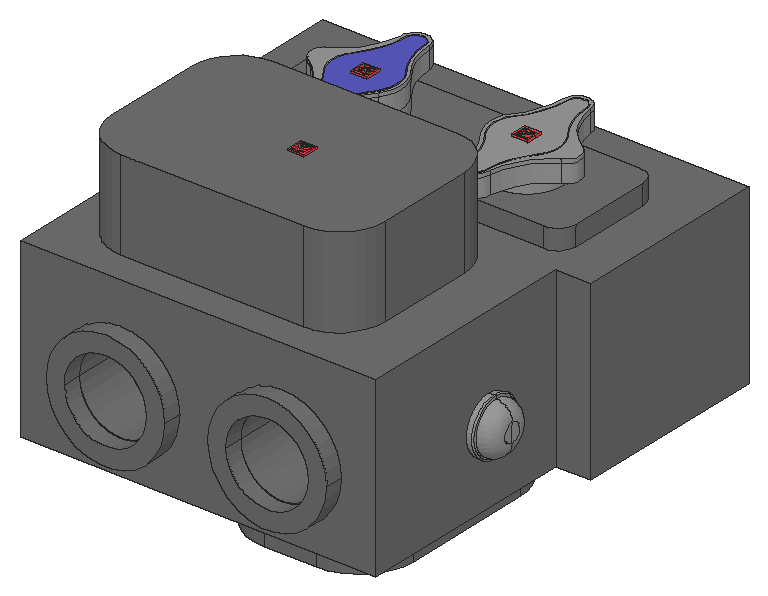
Revit family "HerzCon-узел прямого подключения для фанкойлов 90мм", category Rohrzubehör, Revit 2021
Family settings
  Bemaßung runder Anschluss = Durchmesser verwenden
  Teiletyp = Unterbricht
  OmniClass-Nummer = 23.65.55.14
  OmniClass-Titel = Valves for Liquid Services
  Arbeitsebenenbasiert = Nein
  Immer vertikal = Ja
  Beim Laden mit Abzugskörper schneiden = Nein
  Gemeinsam genutzt = Nein
Parameters (values of type "DN25")
  Среда = "Вода для системы отопления подготавливается в соответствии с ÖNORM H5195 или VDI 2035.\r\nВозможно использование этилена или пропиленгликоля в концентрации 25-50% объема."
  Применение = "HerzCON был разработан для простого подключения фанкойлов или AHU.\r\nHerzCON - это устройство, состоящее из независимого от давления комби-клапана - регулятора расхода (4006), HERZ фильтра-грязевика, HERZ крана для слива (2512) и двух HERZ мультифункциональных шаровых кранов.\r\nВключение, выключение и модульное управление возможно производить через приводы 0 - 10 В.\r\nПриводы могут быть интегрированы в BMS при необходимости.\r\nУстройство обеспечивает независимое от давления управление и в то же время гарантирует постоянный расход для конечного потребителя, максимизируя энергоэффективность системы.\r\nУстройство HerzCON также позволяет производить промывку и запирание.\r\nHerzCON предназначен для работы как в системах холодоснабжения, так и теплоснабжения.\r\nКран для слива, установленный на сетчатом фильтре, позволяет производить промывку устройства без необходимости извлечения сетчатого фильтра, а также позволяет очищать сетчатый фильтр в самом устройстве."
  Номер заказа теплоизолирующего кожуха [instance] = 1470098  # constant formula
  Номер заказа [instance] = 1460058  # constant formula
  Мин. рабочая температура = -20 °C  # constant formula
  Макс. рабочее давление = 2500000.0 Pa  # constant formula
  Макс. рабочая температура = 130 °C  # constant formula
  Макс. дифференциальное давление = 400000.0 Pa  # constant formula
  Корпус = "латунь, устойчивая к селективной цинковой коррозии"  # constant formula
  kvs-Wert (обычная работа) = "2.75"  # constant formula
  kvs-Wert (работа байпаса) = "10.00"  # constant formula
  Vorgabe-Ansicht = 0.00 mm
  URL = "www.herz-armaturen.ru"
  SCRNSEQ = "ARM;TYP_ARM=\"DURR\";02"
  SCRNCODE = "05;04;04"  # constant formula
  Nennweite SF [instance] = 32.00 mm  # constant formula
  Nennweite Kombi [instance] = 32.00 mm  # constant formula
  Nennweite KH [instance] = 25.00 mm  # constant formula
  Мембрана и уплотнительное кольцо O-Ring = "EPDM"  # constant formula
  L11 = 14.00 mm  # constant formula
  L10 = 25.00 mm  # constant formula
  L09 = 16.00 mm  # constant formula
  L08 = 14.75 mm  # constant formula
  L07 = 12.50 mm  # constant formula
  L06 = 20.50 mm  # constant formula
  L04 = 45.00 mm  # constant formula
  L03 = 18.00 mm  # constant formula
  L02 = 4.80 mm  # constant formula
  L01 = 19.85 mm  # constant formula
  L00 [instance] = 189.70 mm  # constant formula
  L05 = 22.00 mm  # constant formula
  Теплоизолирующий бокс = "EPP, вспененный полипропилен, паронепроницаемый, антидиффузионный, черного цвета"  # constant formula
  Ход = "4 мм"  # constant formula
  Hersteller = "HERZ Armaturen Ges.m.b.H."  # constant formula
  H02 = D02 + 1.00 mm  # 28.00 mm
  H01 = 39.50 mm  # constant formula
  Изоляция [instance] = yes
  D11 = 20.00 mm  # constant formula
  D10 = 13.00 mm  # constant formula
  D09 = 18.90 mm  # constant formula
  D08 = 19.10 mm  # constant formula
  D07 = 14.85 mm  # constant formula
  D06 = 32.60 mm  # constant formula
  D05 = 33.80 mm  # constant formula
  D04 = 15.50 mm  # constant formula
  D03 = 21.25 mm  # constant formula
  D02 = 27.00 mm  # constant formula
  D01 = 15.00 mm  # constant formula
Reference planes
  plane 1 "Mitte (Vorne/hinten)": y = 0
  plane 2: z = 0
  plane 3 "Mitte (Links/rechts)": x = 0
Forms (mm)
  Revolve 1, solid, material "Messing, weicher Gelbton, geschweißt", detail levels fine
    sketch origin (-0.315, -1.436, 0) x (1, 0, 0) y (0, 1, 0)
      loop
        line (-94.535, 1.436) -> (95.165, 1.436) -> (95.165, 16.436) -> (75.315, 16.436) -> (75.315, 28.436) -> (23.115, 28.436) -> (23.115, 22.686) -> (18.315, 22.686) -> (18.315, 16.936) -> (-17.685, 16.936) -> (-17.685, 22.686) -> (-22.485, 22.686) -> (-22.485, 28.436) -> (-74.685, 28.436) -> (-74.685, 16.436) -> (-94.535, 16.436) -> (-94.535, 1.436)
      axis (95.165, 1.436) -> (-94.535, 1.436)
    angle from 0 to 360
  Revolve 2, solid, material "Messing, weicher Gelbton, geschweißt", detail levels fine
    sketch origin (0, 0, 0) x (1, 0, 0) y (0, 1, 0)
      loop
        line (-45, 28.35) -> (-57.5, 28.35) -> (-57.5, 47.45) -> (-65.5, 47.45) -> (-65.5, 32.6) -> (-67, 32.6) -> (-67, -33.8) -> (-59.75, -33.8) -> (-59.75, -45.7) -> (-70, -45.7) -> (-70, -65.7) -> (-61, -65.7) -> (-61, -52.7) -> (-45, -52.7) -> (-45, 28.35)
      axis (-45, 47.45) -> (-45, -65.7)
    angle from 0 to 360
  Revolve 3, solid, material "Messing, weicher Gelbton, geschweißt", detail levels fine
    sketch origin (0, 0, 0) x (-1, 0, 0) y (0, 1, 0)
      loop
        line (-45, 28.35) -> (-57.5, 28.35) -> (-57.5, 47.45) -> (-65.5, 47.45) -> (-65.5, 32.6) -> (-67, 32.6) -> (-67, -33.8) -> (-59.75, -33.8) -> (-59.75, -45.7) -> (-70, -45.7) -> (-70, -65.7) -> (-61, -65.7) -> (-61, -52.7) -> (-45, -52.7) -> (-45, 28.35)
      axis (-45, 47.45) -> (-45, -65.7)
    angle from 0 to 360
  Revolve 4, solid, material "Messing, weicher Gelbton, geschweißt", detail levels fine
    sketch origin (0, 0, 0) x (1, 0, 0) y (0, 0, 1)
      loop
        line (-45, 0) -> (-45, 39.5) -> (-59, 39.5) -> (-59, 0) -> (-45, 0)
      axis (-45, 0) -> (-45, 39.5)
    angle from 0 to 360
  Revolve 5, solid, material "Messing, weicher Gelbton, geschweißt", detail levels fine
    sketch origin (0, 0, 0) x (-1, 0, 0) y (0, 0, 1)
      loop
        line (-45, 0) -> (-45, 39.5) -> (-59, 39.5) -> (-59, 0) -> (-45, 0)
      axis (-45, 0) -> (-45, 39.5)
    angle from 0 to 360
  Revolve 6, solid, material "Messing, weicher Gelbton, geschweißt", detail levels fine
    sketch origin (0, 33.127, 0) x (1, 0, 0) y (0, 1, 0)
      loop
        line (45, -87.677) -> (29, -87.677) -> (29, -96.677) -> (30, -96.677) -> (30, -154.677) -> (29, -154.677) -> (29, -163.677) -> (45, -163.677) -> (45, -87.677)
      axis (45, -87.677) -> (45, -163.677)
    angle from 0 to 360
  Revolve 7, solid, material "Messing, weicher Gelbton, geschweißt", detail levels fine
    sketch origin (0, 0, 0) x (1, 0, 0) y (0, 1, 0)
      loop
        line (25, -92.55) -> (25, -107.55) -> (45, -107.55) -> (60, -111.55) -> (68, -111.55) -> (68, -107.55) -> (78, -107.55) -> (78, -105.55) -> (91, -105.55) -> (91, -106.55) -> (100, -106.55) -> (100, -92.55) -> (25, -92.55)
      axis (25, -92.55) -> (100, -92.55)
    angle from 0 to 360
  Revolve 8, solid, material "Messing, weicher Gelbton, geschweißt", detail levels fine
    sketch origin (0, 0, 0) x (1, 0, 0) y (0, 1, 0)
      loop
        line (25, -92.55) -> (11, -92.55) -> (11, -103.55) -> (15, -103.55) -> (15, -109.55) -> (25, -109.55) -> (25, -92.55)
      axis (11, -92.55) -> (25, -92.55)
    angle from 0 to 360
  Extrusion 9, solid, material "Messing, weicher Gelbton, geschweißt", detail levels fine
    sketch origin (0, 0, 0) x (0, 1, 0) y (0, 0, 1)
      loop
        line (-87.8, 46) -> (-97.3, 46) -> (-130.012, 27.114) -> (-134.762, 18.886) -> (-134.762, -18.886) -> (-130.012, -27.114) -> (-97.3, -46) -> (-87.8, -46) -> (-55.088, -27.114) -> (-50.338, -18.886) -> (-50.338, 18.886) -> (-55.088, 27.114) -> (-87.8, 46)
    from 11 to -10.6
  Revolve 10, solid, material "Messing, weicher Gelbton, geschweißt", detail levels fine
    sketch origin (0, 0, 0) x (1, 0, 0) y (0, 1, 0)
      loop
        line (-10.6, -92.55) -> (-10.6, -62.694) -> (-14.1, -75.05) -> (-14.1, -92.55) -> (-10.6, -92.55)
      axis (-14.1, -92.55) -> (-10.6, -92.55)
    angle from 0 to 360
  Extrusion 11, solid, material "Messing, weicher Gelbton, geschweißt", detail levels fine
    sketch origin (0, 0, 0) x (1, 0, 0) y (0, 0, 1)
      loop
        line (11, 8) -> (-6.1, 8)
        arc (-6.1, 8) -> (-14.1, 0) -> (-6.1, -8) r 8
        line (-6.1, -8) -> (11, -8) -> (11, 8)
    from 49.053 to 92.55
  Revolve 12, solid, material "Messing, weicher Gelbton, geschweißt", detail levels fine
    sketch origin (0, 0, 0) x (1, 0, 0) y (0, 1, 0)
      loop
        line (-13.1, -49.053) -> (-6.1, -49.053) -> (-6.1, -33.053) -> (-13.1, -33.053) -> (-13.1, -44.053) -> (-10.1, -44.053) -> (-10.1, -46.053) -> (-13.1, -46.053) -> (-13.1, -49.053)
      axis (-6.1, -33.053) -> (-6.1, -49.053)
    angle from 0 to 360
  Revolve 13, solid, material "Messing, weicher Gelbton, geschweißt", detail levels fine
    sketch origin (45, 0, 0) x (0, 1, 0) y (0, 0, 1)
      loop
        line (-107.55, 29) -> (-116.55, 29) -> (-116.55, 0) -> (-115.35, 0) -> (-115.35, -27) -> (-114.55, -27) -> (-114.55, -30) -> (-111.55, -30) -> (-111.55, -32) -> (-114.55, -32) -> (-114.55, -43) -> (-107.55, -43) -> (-107.55, 29)
      axis (-107.55, 29) -> (-107.55, -43)
    angle from 0 to 360
  Revolve 14, solid, material "Messing, weicher Gelbton, geschweißt", detail levels fine
    sketch origin (45, 0, 0) x (0, 1, 0) y (0, 0, 1)
      loop
        line (-68.55, 29) -> (-77.55, 29) -> (-77.55, 0) -> (-68.55, 0) -> (-68.55, 29)
      axis (-77.55, 29) -> (-77.55, 0)
    angle from 0 to 360
  Revolve 15, solid, material "Messing, weicher Gelbton, geschweißt", detail levels fine
    sketch origin (5.25, 97.957, 0) x (1, 0, 0) y (0, 1, 0)
      loop
        line (-50.25, -152.507) -> (-66.25, -152.507) -> (-66.25, -167.507) -> (-67.75, -167.507) -> (-67.75, -230.907) -> (-66.25, -230.907) -> (-66.25, -242.507) -> (-50.25, -242.507) -> (-50.25, -152.507)
      axis (-50.25, -152.507) -> (-50.25, -242.507)
    angle from 0 to 360
  Revolve 16, solid, material "Messing, weicher Gelbton, geschweißt", detail levels fine
    sketch origin (-45, -230.478, 0) x (0, 1, 0) y (0, 0, 1)
      loop
        arc (130.928, -23.913) -> (141.764, -20.377) -> (148.428, -11.13) r 18.37
        line (148.428, -11.13) -> (148.428, 3) -> (149.428, 4.812) -> (149.428, 32.5) -> (149.428, 34.5) -> (148.428, 34.5) -> (148.428, 36) -> (144.428, 36) -> (144.428, 49) -> (142.55, 50.084)
        arc (142.55, 50.084) -> (140.382, 52.622) -> (140.295, 55.959) r 5
        line (140.295, 55.959) -> (141.933, 61) -> (141.933, 76) -> (144.133, 76) -> (144.133, 77.5) -> (145.912, 77.5) -> (145.912, 84) -> (144.912, 86.5) -> (133.412, 86.5) -> (133.412, 89.5) -> (134.912, 89.5) -> (134.912, 91.5) -> (130.928, 91.5) -> (130.928, -23.913)
      axis (130.928, 91.5) -> (130.928, -23.913)
    angle from 0 to 360
  Extrusion 17, solid, material "Messing, weicher Gelbton, geschweißt", detail levels fine
    sketch origin (-1, -230.478, 0) x (0, 1, 0) y (0, 0, 1)
      loop
        circle (130.928, 65) r 5.5
    from -44 to -27
  Extrusion 18, solid, material "Kunststoff-Anthrazit/Schwarz", visible <- "Изоляция", detail levels fine
    sketch origin (-452.346, 0, 0) x (1, 0, 0) y (0, 1, 0)
      loop
        line (332.346, 64.5) -> (332.346, -45.5) -> (351.746, -45.5) -> (351.746, -170.5) -> (549.946, -170.5) -> (549.946, -45.5) -> (569.346, -45.5) -> (569.346, 64.5) -> (332.346, 64.5)
    from -42 to 56
  Extrusion 19, void
    sketch origin (0, 0, 0) x (0, 1, 0) y (0, 0, 1)
      loop
        circle (-92.55, 0) r 15
    from 117 to 32.451
  Extrusion 20, void
    sketch origin (0, 0, 0) x (1, 0, 0) y (0, 0, 1)
      loop
        circle (-45, 0) r 23
      loop
        circle (45, 0) r 23
    from 184.5 to -80
  Extrusion 21, solid, material "Kunststoff-Anthrazit/Schwarz", visible <- "Изоляция", detail levels fine
    sketch origin (0, 0, 0) x (1, 0, 0) y (0, 0, 1)
      loop
        circle (-45, 0) r 33
      loop
        circle (45, 0) r 33
    from 180.5 to 170.5
  Extrusion 22, solid, material "Kunststoff-Anthrazit/Schwarz", visible <- "Изоляция", detail levels fine
    sketch origin (0, 0, 0) x (1, 0, 0) y (0, 0, 1)
      loop
        circle (-45, 0) r 33
      loop
        circle (45, 0) r 33
    from -64.5 to -74.5
  Extrusion 23, solid, material "Kunststoff-Anthrazit/Schwarz", visible <- "Изоляция", detail levels fine
    sketch origin (0, 0, 0) x (1, 0, 0) y (0, 1, 0)
      loop
        line (43.2, -46.9) -> (-58.4, -46.9)
        arc (-58.4, -46.9) -> (-76.078, -54.222) -> (-83.4, -71.9) r 25
        line (-83.4, -71.9) -> (-83.4, -128)
        arc (-83.4, -128) -> (-76.078, -145.678) -> (-58.4, -153) r 25
        line (-58.4, -153) -> (43.2, -153)
        arc (43.2, -153) -> (60.878, -145.678) -> (68.2, -128) r 25
        line (68.2, -128) -> (68.2, -71.9)
        arc (68.2, -71.9) -> (60.878, -54.222) -> (43.2, -46.9) r 25
    from 56 to 106
  Extrusion 24, solid, material "Kunststoff-Anthrazit/Schwarz", visible <- "Изоляция", detail levels fine
    sketch origin (0, 0, 0) x (1, 0, 0) y (0, 1, 0)
      loop
        arc (81.5, -33.43) -> (88.571, -30.501) -> (91.5, -23.43) r 10
        line (91.5, -23.43) -> (91.5, 22.8)
        arc (91.5, 22.8) -> (88.571, 29.871) -> (81.5, 32.8) r 10
        line (81.5, 32.8) -> (-81.5, 32.8)
        arc (-81.5, 32.8) -> (-88.571, 29.871) -> (-91.5, 22.8) r 10
        line (-91.5, 22.8) -> (-91.5, -23.43)
        arc (-91.5, -23.43) -> (-88.571, -30.501) -> (-81.5, -33.43) r 10
        line (-81.5, -33.43) -> (81.5, -33.43)
    from 56 to 67
  Extrusion 25, solid, material "Kunststoff-Anthrazit/Schwarz", visible <- "Изоляция", detail levels fine
    sketch origin (0, 0, 0) x (1, 0, 0) y (0, 1, 0)
      loop
        arc (5.4, 1.85) -> (-15.813, -6.937) -> (-24.6, -28.15) r 30
        line (-24.6, -28.15) -> (-24.6, -102.9)
        arc (-24.6, -102.9) -> (-15.813, -124.113) -> (5.4, -132.9) r 30
        line (5.4, -132.9) -> (34.4, -132.9)
        arc (34.4, -132.9) -> (55.613, -124.113) -> (64.4, -102.9) r 30
        line (64.4, -102.9) -> (64.4, -28.15)
        arc (64.4, -28.15) -> (55.613, -6.937) -> (34.4, 1.85) r 30
        line (34.4, 1.85) -> (5.4, 1.85)
    from -42 to -76
Cuts and joins
  Extrusion 19, Extrusion 20 cuts Extrusion 18
  Extrusion 20 cuts Extrusion 21
  Extrusion 20 cuts Extrusion 22
Dimensions and locks
  "D04": Revolve 1 sketch curve to Revolve 1 sketch curve
  "D03": Revolve 1 sketch curve to Revolve 1 sketch curve  (x2)
  "D01": Revolve 1 sketch curve to Revolve 1 sketch curve  (x2)
  "D02": Revolve 1 sketch curve to Revolve 1 sketch curve  (x2)
  "L00": Revolve 1 sketch curve to Revolve 1 sketch curve
  "L01": Revolve 1 sketch curve to Revolve 1 sketch curve  (x2)
  "L02": Revolve 1 sketch curve to Revolve 1 sketch curve  (x2)
  equal spacing: Revolve 1 sketch curve, plane 3 "Mitte (Links/rechts)", Revolve 1 sketch curve
  "L03": Revolve 1 sketch curve to plane 3 "Mitte (Links/rechts)" to Revolve 1 sketch curve
  "L04": Revolve 2 sketch curve to plane 3 "Mitte (Links/rechts)"  (x2)
  "L05": Revolve 2 sketch curve to Revolve 2 sketch curve
  "D05": Revolve 2 sketch curve to plane 1 "Mitte (Vorne/hinten)"
  "D06": plane 1 "Mitte (Vorne/hinten)" to Revolve 2 sketch curve
  "L06": Revolve 2 sketch curve to Revolve 2 sketch curve
  "D07": Revolve 2 sketch curve to Revolve 2 sketch curve
  "D08": Revolve 2 sketch curve to Revolve 2 sketch curve
  "L07": Revolve 2 sketch curve to Revolve 2 sketch curve
  "L08": Revolve 2 sketch curve to Revolve 2 sketch curve
  "D09": Revolve 2 sketch curve to Revolve 2 sketch curve
  "D10": Revolve 2 sketch curve to Revolve 2 sketch curve
  "D11": Revolve 2 sketch curve to Revolve 2 sketch curve
  "L09": Revolve 2 sketch curve to Revolve 2 sketch curve
  "L10": Revolve 2 sketch curve to Revolve 2 sketch curve
  "L05": Revolve 3 sketch curve to Revolve 3 sketch curve
  "L06": Revolve 3 sketch curve to Revolve 3 sketch curve
  "D07": Revolve 3 sketch curve to Revolve 3 sketch curve
  "D08": Revolve 3 sketch curve to Revolve 3 sketch curve
  "L07": Revolve 3 sketch curve to Revolve 3 sketch curve
  "L08": Revolve 3 sketch curve to Revolve 3 sketch curve
  "D09": Revolve 3 sketch curve to Revolve 3 sketch curve
  "D10": Revolve 3 sketch curve to Revolve 3 sketch curve
  "D11": Revolve 3 sketch curve to Revolve 3 sketch curve
  "L09": Revolve 3 sketch curve to Revolve 3 sketch curve
  "L10": Revolve 3 sketch curve to Revolve 3 sketch curve
  "L04": plane 3 "Mitte (Links/rechts)" to Revolve 3 sketch curve  (x2)
  "D05": Revolve 3 sketch curve to plane 1 "Mitte (Vorne/hinten)"
  "D06": plane 1 "Mitte (Vorne/hinten)" to Revolve 3 sketch curve
  "H01": Revolve 4 sketch curve to plane 2
  "L04": plane 3 "Mitte (Links/rechts)" to Revolve 4 sketch curve  (x2)
  "L11": Revolve 4 sketch curve to Revolve 4 sketch curve
  "L11": Revolve 5 sketch curve to Revolve 5 sketch curve
  "L04": Revolve 5 sketch curve to plane 3 "Mitte (Links/rechts)"  (x2)
  "H01": Revolve 5 sketch curve to plane 2
  "L04": nested 3 to plane 3 "Mitte (Links/rechts)"
  "L04": plane 3 "Mitte (Links/rechts)" to nested 4
  "H02": nested 3 to plane 2
  "H02": nested 4 to plane 2
  "L04": plane 3 "Mitte (Links/rechts)" to Revolve 6 sketch curve  (x2)
  Revolve 6 sketch curve to Revolve 6 sketch curve = 16.00 mm  (x2)
  Revolve 6 sketch curve to Revolve 6 sketch curve = 15.00 mm
  Revolve 6 sketch curve to Revolve 6 sketch curve = 76.00 mm
  Revolve 6 sketch curve to Revolve 6 sketch curve = 9.00 mm  (x2)
  equal spacing: Revolve 6, Revolve 7 sketch curve, Revolve 6  (x2)
  Revolve 7 sketch curve to Revolve 7 sketch curve = 75.00 mm
  Revolve 7 sketch curve to Revolve 7 sketch curve = 9.00 mm
  Revolve 7 sketch curve to Revolve 7 sketch curve = 13.00 mm  (x2)
  Revolve 7 sketch curve to Revolve 7 sketch curve = 10.00 mm
  "L04": plane 3 "Mitte (Links/rechts)" to Revolve 7 sketch curve
  Revolve 7 sketch curve to Revolve 7 sketch curve = 14.00 mm
  Revolve 7 sketch curve to Revolve 7 sketch curve = 15.00 mm  (x2)
  Revolve 7 sketch curve to Revolve 7 sketch curve = 20.00 mm
  Revolve 7 sketch curve to Revolve 7 sketch curve = 35.00 mm
  Revolve 8 sketch curve to Revolve 7 = 20.00 mm
  equal spacing: Revolve 6, Revolve 8 sketch curve, Revolve 6  (x2)
  Revolve 8 sketch curve to Revolve 8 sketch curve = 17.00 mm
  Revolve 8 sketch curve to Revolve 8 sketch curve = 11.00 mm
  Revolve 8 sketch curve to Revolve 8 sketch curve = 14.00 mm
  Revolve 8 sketch curve to Revolve 8 sketch curve = 10.00 mm
  Revolve 6 to Extrusion 9 sketch curve = 4.212 mm
  Extrusion 9 sketch curve to Revolve 6 = 4.212 mm
  Extrusion 9 sketch curve to Extrusion 9 sketch curve = 84.424 mm
  equal spacing: Extrusion 9 sketch curve, level, Extrusion 9 sketch curve
  Extrusion 9 to Revolve 7 = 34.00 mm
  equal spacing: Revolve 6, Revolve 10 sketch curve, Revolve 6  (x2)
  Revolve 10 sketch curve to Revolve 10 sketch curve = 17.50 mm
  Revolve 10 sketch curve to Revolve 10 sketch curve = 29.856 mm
  Revolve 10 sketch curve to Extrusion 9 = 3.50 mm
  equal spacing: Revolve 6, nested 5, Revolve 6
  Revolve 7 to nested 5 = 46.00 mm
  Extrusion 9 to Revolve 10 = 25.10 mm
  Revolve 12 sketch curve to Revolve 12 sketch curve = 7.00 mm  (x2)
  Revolve 12 sketch curve to Revolve 12 sketch curve = 4.00 mm
  Revolve 12 sketch curve to Revolve 12 sketch curve = 3.00 mm
  Revolve 12 sketch curve to Revolve 12 sketch curve = 2.00 mm
  Revolve 12 sketch curve to Revolve 12 sketch curve = 11.00 mm
  Revolve 10 to Revolve 12 sketch curve = 1.00 mm
  Revolve 10 to Revolve 12 sketch curve = 8.00 mm
  Extrusion 11 to Revolve 12 sketch curve = 43.497 mm
  equal spacing: Revolve 6, Extrusion 11, Revolve 6
  Extrusion 11 to Extrusion 11 = 43.497 mm
  Revolve 3 to Revolve 6 = 178.00 mm
  Revolve 13 sketch curve to Revolve 13 sketch curve = 7.80 mm
  Revolve 13 sketch curve to Revolve 13 sketch curve = 9.00 mm
  Revolve 13 sketch curve to Revolve 13 sketch curve = 7.00 mm  (x2)
  Revolve 13 sketch curve to Revolve 13 sketch curve = 4.00 mm
  Revolve 13 sketch curve to Revolve 13 sketch curve = 3.00 mm
  Revolve 13 sketch curve to Revolve 13 sketch curve = 2.00 mm
  Revolve 13 sketch curve to Revolve 13 sketch curve = 11.00 mm
  "L04": plane 3 "Mitte (Links/rechts)" to Revolve 13
  Revolve 14 sketch curve to Revolve 14 sketch curve = 9.00 mm
  "L04": plane 3 "Mitte (Links/rechts)" to Revolve 14
  nested 7 to plane 2 = 29.00 mm
  nested 6 to plane 2 = 29.00 mm
  Revolve 15 sketch curve to Revolve 15 sketch curve = 11.60 mm
  Revolve 15 sketch curve to Revolve 15 sketch curve = 15.00 mm
  Revolve 15 sketch curve to Revolve 15 sketch curve = 90.00 mm
  Revolve 15 sketch curve to Revolve 15 sketch curve = 16.00 mm  (x2)
  Revolve 15 sketch curve to Revolve 15 sketch curve = 17.50 mm
  Revolve 15 to Revolve 16 sketch curve = 45.00 mm  (x2)
  Revolve 15 to Extrusion 17 sketch curve = 45.00 mm
  nested 8 to Revolve 15 = 45.00 mm
  plane 2 to Revolve 16 sketch curve = 23.913 mm
  Revolve 16 sketch curve to plane 2 = 34.50 mm
  Revolve 16 sketch curve to Revolve 16 sketch curve = 17.50 mm  (x2)
  Revolve 16 sketch curve to plane 2 = 4.812 mm
  Revolve 16 sketch curve to Revolve 16 sketch curve = 18.50 mm
  Revolve 16 sketch curve to Revolve 16 sketch curve = 1.50 mm
  Revolve 16 sketch curve to Revolve 16 sketch curve = 13.50 mm
  Revolve 16 sketch curve to Revolve 16 sketch curve = 13.00 mm
  "L04": Revolve 16 to plane 3 "Mitte (Links/rechts)"
  "L04": Revolve 15 sketch curve to plane 3 "Mitte (Links/rechts)"  (x2)
  Extrusion 17 to Extrusion 17 = 17.00 mm
  "L04": plane 3 "Mitte (Links/rechts)" to Extrusion 17
  Revolve 16 to Extrusion 17 sketch curve = 11.00 mm
  Extrusion 17 sketch curve to plane 2 = 65.00 mm
  Revolve 15 to Revolve 2 = 192.00 mm
  Extrusion 18 sketch curve to Extrusion 18 sketch curve = 237.00 mm
  Extrusion 18 sketch curve to Extrusion 18 sketch curve = 235.00 mm
  Extrusion 18 sketch curve to Extrusion 18 sketch curve = 19.40 mm  (x2)
  plane 1 "Mitte (Vorne/hinten)" to Extrusion 18 sketch curve = 64.50 mm
  Extrusion 18 sketch curve to Extrusion 18 sketch curve = 110.00 mm  (x2)
  cut or joined group of Extrusion 18, Extrusion 19, Extrusion 20 to Extrusion 19 sketch curve = 77.95 mm
  cut or joined group of Extrusion 18, Extrusion 19, Extrusion 20 to Extrusion 20 sketch curve = 52.00 mm
  cut or joined group of Extrusion 18, Extrusion 19, Extrusion 20 to Extrusion 20 sketch curve = 142.00 mm
  cut or joined group of Extrusion 18, Extrusion 19, Extrusion 20 to Extrusion 21 sketch curve = 42.00 mm
  cut or joined group of Extrusion 18, Extrusion 19, Extrusion 20 to Extrusion 21 sketch curve = 132.00 mm
  cut or joined group of Extrusion 18, Extrusion 19, Extrusion 20 to Extrusion 22 sketch curve = 42.00 mm
  cut or joined group of Extrusion 18, Extrusion 19, Extrusion 20 to Extrusion 22 sketch curve = 132.00 mm
  cut or joined group of Extrusion 18, Extrusion 19, Extrusion 20 to Extrusion 23 sketch curve = 17.50 mm
  cut or joined group of Extrusion 18, Extrusion 19, Extrusion 20 to Extrusion 23 sketch curve = 17.20 mm
  Extrusion 23 sketch curve to Extrusion 23 sketch curve = 151.60 mm
  Extrusion 23 sketch curve to Extrusion 23 sketch curve = 106.10 mm
  Extrusion 24 sketch curve to Extrusion 24 sketch curve = 66.23 mm
  Extrusion 24 sketch curve to Extrusion 24 sketch curve = 183.00 mm
  cut or joined group of Extrusion 18, Extrusion 19, Extrusion 20 to Extrusion 24 sketch curve = 28.50 mm
  Extrusion 24 sketch curve to cut or joined group of Extrusion 18, Extrusion 19, Extrusion 20 = 25.50 mm
  cut or joined group of Extrusion 18, Extrusion 19, Extrusion 20 to Extrusion 24 sketch curve = 31.70 mm
  cut or joined group of Extrusion 18, Extrusion 19, Extrusion 20 to Extrusion 25 sketch curve = 62.65 mm
  Extrusion 25 sketch curve to Extrusion 25 sketch curve = 134.75 mm
  Extrusion 25 sketch curve to cut or joined group of Extrusion 18, Extrusion 19, Extrusion 20 = 52.60 mm
  Extrusion 25 sketch curve to Extrusion 25 sketch curve = 89.00 mm
  equal spacing: Extrusion 23, nested 9, Extrusion 23
  nested 9 to plane 2 = 105.20 mm
  radius of Revolve 16 sketch curve = 18.37 mm
  radius of Extrusion 17 sketch curve = 5.50 mm
  diameter of Extrusion 19 sketch curve = 30.00 mm
  diameter of Extrusion 20 sketch curve = 46.00 mm  (x2)
  diameter of Extrusion 21 sketch curve = 66.00 mm  (x2)
  diameter of Extrusion 22 sketch curve = 66.00 mm  (x2)
  aligned and locked: level to plane 2
Automatic sketch dimensions
  Extrusion 11 sketch curve to level = 0.00 mm
  Extrusion 11 sketch curve to plane 3 "Mitte (Links/rechts)" = 6.10 mm
  plane 3 "Mitte (Links/rechts)" to Extrusion 11 sketch curve = 11.00 mm
  Extrusion 11 sketch curve to level = 8.00 mm
  Revolve 8 sketch curve to Revolve 8 sketch curve = 2.197 mm
  Revolve 8 sketch curve to Revolve 8 sketch curve = 3.212 mm
  level to Extrusion 9 sketch curve = 27.114 mm  (x2)
  Extrusion 9 sketch curve to Extrusion 9 sketch curve = 4.75 mm  (x4)
  Extrusion 9 sketch curve to level = 27.114 mm  (x2)
  Extrusion 9 sketch curve to Extrusion 9 sketch curve = 32.712 mm  (x2)
  Extrusion 9 sketch curve to Extrusion 9 sketch curve = 9.50 mm  (x2)
  Extrusion 9 sketch curve to Extrusion 9 sketch curve = 18.886 mm
  Extrusion 9 sketch curve to Extrusion 9 sketch curve = 8.227 mm  (x4)
  Revolve 10 sketch curve to plane 3 "Mitte (Links/rechts)" = 10.60 mm
  Revolve 10 sketch curve to Revolve 10 sketch curve = 0.00 mm  (x2)
  Revolve 12 sketch curve to Revolve 12 sketch curve = 1.775 mm
  Revolve 12 sketch curve to Revolve 12 sketch curve = 4.225 mm
  Revolve 13 sketch curve to level = 0.00 mm
  level to Revolve 13 sketch curve = 29.00 mm
  plane 1 "Mitte (Vorne/hinten)" to Revolve 13 sketch curve = 116.55 mm
  Revolve 13 sketch curve to level = 27.00 mm
  Revolve 13 sketch curve to Revolve 13 sketch curve = 7.00 mm
  Revolve 13 sketch curve to Revolve 13 sketch curve = 7.744 mm
  Revolve 13 sketch curve to Revolve 13 sketch curve = 8.256 mm
  Revolve 14 sketch curve to level = 0.00 mm
  level to Revolve 14 sketch curve = 29.00 mm
  plane 1 "Mitte (Vorne/hinten)" to Revolve 14 sketch curve = 77.55 mm
  Revolve 14 sketch curve to Revolve 14 sketch curve = 0.00 mm
  level to Revolve 14 sketch curve = 14.00 mm
  Revolve 14 sketch curve to Revolve 14 sketch curve = 5.00 mm
  Revolve 16 sketch curve to Revolve 16 sketch curve = 2.485 mm
  Revolve 16 sketch curve to Revolve 16 sketch curve = 1.50 mm  (x2)
  level to Revolve 16 sketch curve = 55.959 mm
  Revolve 16 sketch curve to Revolve 16 sketch curve = 4.133 mm
  level to Revolve 16 sketch curve = 61.00 mm
  Revolve 16 sketch curve to Revolve 16 sketch curve = 1.638 mm
  level to Revolve 16 sketch curve = 50.084 mm
  Revolve 16 sketch curve to Revolve 16 sketch curve = 1.878 mm
  Revolve 16 sketch curve to Revolve 16 sketch curve = 10.00 mm
  Revolve 16 sketch curve to Revolve 16 sketch curve = 2.50 mm  (x2)
  Revolve 16 sketch curve to Revolve 16 sketch curve = 1.00 mm
  Revolve 16 sketch curve to Revolve 16 sketch curve = 1.812 mm
  Revolve 16 sketch curve to Revolve 16 sketch curve = 2.00 mm  (x2)
  Revolve 16 sketch curve to Revolve 16 sketch curve = 15.00 mm
  Revolve 16 sketch curve to Revolve 16 sketch curve = 6.50 mm
  Revolve 16 sketch curve to Revolve 16 sketch curve = 3.00 mm
  Revolve 16 sketch curve to Revolve 16 sketch curve = 2.20 mm
  Revolve 16 sketch curve to Revolve 16 sketch curve = 1.316 mm
  Revolve 16 sketch curve to Revolve 16 sketch curve = 0.227 mm
  Extrusion 18 sketch curve to plane 3 "Mitte (Links/rechts)" = 120.00 mm
  Extrusion 19 sketch curve to level = 0.00 mm
  Extrusion 20 sketch curve to level = 0.00 mm  (x2)
  Extrusion 21 sketch curve to level = 0.00 mm  (x2)
  Extrusion 22 sketch curve to level = 0.00 mm  (x2)
  Extrusion 23 sketch curve to Extrusion 23 sketch curve = 25.00 mm  (x4)
  Extrusion 24 sketch curve to Extrusion 24 sketch curve = 10.00 mm  (x4)
  Extrusion 25 sketch curve to Extrusion 25 sketch curve = 30.00 mm
  plane 1 "Mitte (Vorne/hinten)" to Extrusion 25 sketch curve = 28.15 mm
  Extrusion 25 sketch curve to Extrusion 25 sketch curve = 29.00 mm  (x2)
  Revolve 1 sketch curve to plane 1 "Mitte (Vorne/hinten)" = 0.00 mm
  plane 1 "Mitte (Vorne/hinten)" to Revolve 1 sketch curve = 0.00 mm
  Revolve 1 sketch curve to Revolve 1 sketch curve = 1933.131 mm
  Revolve 1 sketch curve to Revolve 1 sketch curve = 1932.50 mm
  plane 1 "Mitte (Vorne/hinten)" to Revolve 2 sketch curve = 18.80 mm
  Revolve 2 sketch curve to Revolve 2 sketch curve = 12.268 mm
  Revolve 3 sketch curve to plane 1 "Mitte (Vorne/hinten)" = 18.80 mm
  Revolve 3 sketch curve to Revolve 3 sketch curve = 12.268 mm
  Revolve 4 sketch curve to level = 0.00 mm  (x2)
  Revolve 4 sketch curve to Revolve 4 sketch curve = 9.50 mm
  Revolve 5 sketch curve to level = 0.00 mm  (x2)
  Revolve 5 sketch curve to Revolve 5 sketch curve = 9.50 mm
  plane 1 "Mitte (Vorne/hinten)" to Revolve 6 sketch curve = 130.55 mm
  Revolve 6 sketch curve to Revolve 6 sketch curve = 6.00 mm
  Revolve 6 sketch curve to Revolve 6 sketch curve = 5.00 mm
  Revolve 7 sketch curve to Revolve 7 sketch curve = 4.00 mm
  Revolve 7 sketch curve to Revolve 7 sketch curve = 15.00 mm
  Revolve 7 sketch curve to Revolve 7 sketch curve = 11.575 mm
  plane 1 "Mitte (Vorne/hinten)" to Revolve 15 sketch curve = 144.55 mm
  Revolve 15 sketch curve to Revolve 15 sketch curve = 6.926 mm
  Revolve 15 sketch curve to Revolve 15 sketch curve = 10.00 mm
Nested families
  nested 1: "Herz-Logo-vorne" at (-0.315, -15.5, 0) x (0, 1, 0) z (0, 0, 1), type "Herz-Logo-vorne", detail levels fine
  nested 2: "Herz-Logo-vorne" at (-0.315, 15.5, 0) x (0, 1, 0) z (0, 0, 1), type "Herz-Logo-vorne", detail levels fine
  nested 3: "Handrad (blau) für HerzCon DN25-DN32" at (-45, 0, 28) x (0, -1, 0) z (0, 0, 1), type "Handrad (blau) für HerzCon DN25-DN32", detail levels fine
  nested 4: "Handrad (rot) für HerzCon DN25-DN32" at (45, 0, 28) x (0, 1, 0) z (0, 0, 1), type "Handrad (rot) für HerzCon DN25-DN32", detail levels fine
  nested 5: "Bauschutzkappe für HerCon" at (91, -92.55, 0), type "Bauschutzkappe für HerCon"
  nested 6: "Messstutzen_Band_Austritt_senkrecht_(oben)" at (45, -77.55, 11.5), type "Messstutzen_Band_Austritt_senkrecht_(oben)"
    with Schutzkappe yes, Nennweite 0.00 mm, Gewicht 0.00 kg, Bestellnummer 0
  nested 7: "Messstutzen_Band_Eintritt_senkrecht_(oben)" at (45, -107.55, 11.5), type "Messstutzen_Band_Eintritt_senkrecht_(oben)"
    with Schutzkappe yes, Nennweite 0.00 mm, Gewicht 0.00 kg, Bestellnummer 0
  nested 8: "Flügelgriff rot (seite)" at (-32.6, -99.55, 65), type "Flügelgriff rot (seite)"
  nested 9: "Herz-Logo" at (0, -99.95, 105.2), visible <- "Изоляция", type "Herz-Logo", detail levels fine
Connectors
  piping at (45, -130.55, 0), diameter 32, driven by "Nennweite Kombi"
    settings: on Revolve 6, index 1, connector inside diameter 609.6 mm, connector length 0.00 mm, flow factor 0, pipe flow 0.0 L/s, pressure drop 0.0 Pa, fitting loss kfactor 0, connector angle 0.00°, fixture units 0, engagement length 0.00 mm, angle of deflection 0.00°, flow configuration 0, flow direction 1, fitting loss method 0, system type 7, joint type 0, gender type 0, connector reference index -1, connector utility 0, adjustable connector no, is connector primary yes, connector description ""
  piping at (-45, -144.55, 0), diameter 32, driven by "Nennweite SF"
    settings: on Revolve 15, index 2, connector inside diameter 609.6 mm, connector length 0.00 mm, flow factor 0, pipe flow 0.0 L/s, pressure drop 0.0 Pa, fitting loss kfactor 0, connector angle 0.00°, fixture units 0, engagement length 0.00 mm, angle of deflection 0.00°, flow configuration 0, flow direction 2, fitting loss method 0, system type 8, joint type 0, gender type 0, connector reference index -1, connector utility 0, adjustable connector no, is connector primary no, connector description ""
  piping at (-45, 28.35, 0), diameter 25, driven by "Nennweite KH"
    settings: on Revolve 2, index 3, connector inside diameter 609.6 mm, connector length 0.00 mm, flow factor 0, pipe flow 0.0 L/s, pressure drop 0.0 Pa, fitting loss kfactor 0, connector angle 0.00°, fixture units 0, engagement length 0.00 mm, angle of deflection 0.00°, flow configuration 0, flow direction 1, fitting loss method 0, system type 8, joint type 0, gender type 0, connector reference index -1, connector utility 0, adjustable connector no, is connector primary no, connector description ""
  piping at (45, 28.35, 0), diameter 25, driven by "Nennweite KH"
    settings: on Revolve 3, index 4, connector inside diameter 609.6 mm, connector length 0.00 mm, flow factor 0, pipe flow 0.0 L/s, pressure drop 0.0 Pa, fitting loss kfactor 0, connector angle 0.00°, fixture units 0, engagement length 0.00 mm, angle of deflection 0.00°, flow configuration 0, flow direction 2, fitting loss method 0, system type 7, joint type 0, gender type 0, connector reference index -1, connector utility 0, adjustable connector no, is connector primary no, connector description ""
Definition of nested family "Herz-Logo-vorne"
  Parameters (values of type "Herz-Logo-vorne")
    Default Elevation = 0.00 mm
  Reference planes
    plane 1 "Mitte (Vorne/hinten)": y = 0
    plane 2: z = 0
    plane 3 "Mitte (Links/rechts)": x = 0
  Forms (mm)
    Extrusion 1, solid
      sketch origin (0.732, -0.018, 0.017) x (0, -1, 0) y (0, 0, 1)
        loop
          line (-0.018, -4.517) -> (4.482, -4.517) -> (4.482, 4.483) -> (-4.518, 4.483) -> (-4.518, -4.517) -> (-0.018, -4.517)
        loop
          line (-0.05, -3.48) -> (3.482, -3.48) -> (3.482, 3.483) -> (-3.518, 3.483) -> (-3.518, -3.48) -> (-0.05, -3.48)
        loop
          arc (-0.018, 2.383) -> (-1.543, 3.287) -> (-3.067, 2.383) r 1.738
          arc (-3.067, 2.383) -> (-3.191, 1.899) -> (-3.067, 1.415) r 1.009
          line (-3.067, 1.415) -> (-0.018, -3.281) -> (3.032, 1.415)
          arc (3.032, 1.415) -> (3.156, 1.899) -> (3.032, 2.383) r 1.009
          arc (3.032, 2.383) -> (1.507, 3.287) -> (-0.018, 2.383) r 1.738
        loop
          arc (1.885, 1.272) -> (2.005, 1.675) -> (1.885, 2.079) r 0.74
          arc (1.885, 2.079) -> (1.265, 2.416) -> (0.644, 2.079) r 0.74
          line (0.644, 2.079) -> (-0.018, 0.97) -> (-0.679, 2.079)
          arc (-0.679, 2.079) -> (-1.3, 2.416) -> (-1.921, 2.079) r 0.74
          arc (-1.921, 2.079) -> (-2.04, 1.675) -> (-1.921, 1.272) r 0.74
          line (-1.921, 1.272) -> (-0.018, -1.658) -> (1.885, 1.272)
      from 0 to 1.5
  Dimensions and locks
    aligned and locked: level to plane 2
Definition of nested family "Handrad (blau) für HerzCon DN25-DN32"
  Parameters (values of type "Handrad (blau) für HerzCon DN25-DN32")
    Default Elevation = 0.00 mm
  Reference planes
    plane 1 "Mitte (Vorne/hinten)": y = 0
    plane 2: z = 0
    plane 3 "Mitte (Links/rechts)": x = 0
  Forms (mm)
    Extrusion 1, solid, detail levels fine
      sketch origin (0, 0, 0) x (1, 0, 0) y (0, 1, 0)
        loop
          circle (0, 0) r 20
      from 0 to 45
    Extrusion 2, solid, detail levels fine
      sketch origin (0, 0, 0) x (1, 0, 0) y (0, 1, 0)
        loop
          arc (-35, 7.5) -> (-42.5, 0) -> (-35, -7.5) r 7.5
          arc (-35, -7.5) -> (-19.287, -13.2) -> (-7.275, -24.825) r 40
          arc (-7.275, -24.825) -> (0, -30) -> (7.275, -24.825) r 7.7
          arc (7.275, -24.825) -> (19.287, -13.2) -> (35, -7.5) r 40
          arc (35, -7.5) -> (42.5, 0) -> (35, 7.5) r 7.5
          arc (35, 7.5) -> (22.22, 10.127) -> (10.965, 16.726) r 40
          arc (10.965, 16.726) -> (0, 20) -> (-10.965, 16.726) r 20
          arc (-10.965, 16.726) -> (-22.22, 10.127) -> (-35, 7.5) r 40
      from 45 to 55
    Extrusion 3, solid, detail levels fine
      sketch origin (0, 0, 0) x (1, 0, 0) y (0, 1, 0)
        loop
          arc (-35, 7.5) -> (-42.5, 0) -> (-35, -7.5) r 7.5
          arc (-35, -7.5) -> (-19.287, -13.2) -> (-7.275, -24.825) r 40
          arc (-7.275, -24.825) -> (0, -30) -> (7.275, -24.825) r 7.7
          arc (7.275, -24.825) -> (19.287, -13.2) -> (35, -7.5) r 40
          arc (35, -7.5) -> (42.5, 0) -> (35, 7.5) r 7.5
          arc (35, 7.5) -> (22.22, 10.127) -> (10.965, 16.726) r 40
          arc (10.965, 16.726) -> (0, 20) -> (-10.965, 16.726) r 20
          arc (-10.965, 16.726) -> (-22.22, 10.127) -> (-35, 7.5) r 40
        loop
          arc (-34.965, 5.5) -> (-40.5, 0) -> (-34.965, -5.5) r 5.5
          arc (-34.965, -5.5) -> (-21.579, -8.231) -> (-9.777, -15.113) r 42
          arc (-9.777, -15.113) -> (0, -18) -> (9.777, -15.113) r 18
          arc (9.777, -15.113) -> (21.579, -8.231) -> (34.965, -5.5) r 42
          arc (34.965, -5.5) -> (40.5, 0) -> (34.965, 5.5) r 5.5
          arc (34.965, 5.5) -> (21.579, 8.231) -> (9.777, 15.113) r 42
          arc (9.777, 15.113) -> (0, 18) -> (-9.777, 15.113) r 18
          arc (-9.777, 15.113) -> (-21.579, 8.231) -> (-34.965, 5.5) r 42
      from 55 to 57
    Extrusion 4, solid, detail levels fine
      sketch origin (0, 0, 0) x (1, 0, 0) y (0, 1, 0)
        loop
          arc (-34.965, 5.5) -> (-40.5, 0) -> (-34.965, -5.5) r 5.5
          arc (-34.965, -5.5) -> (-21.579, -8.231) -> (-9.777, -15.113) r 42
          arc (-9.777, -15.113) -> (0, -18) -> (9.777, -15.113) r 18
          arc (9.777, -15.113) -> (21.579, -8.231) -> (34.965, -5.5) r 42
          arc (34.965, -5.5) -> (40.5, 0) -> (34.965, 5.5) r 5.5
          arc (34.965, 5.5) -> (21.579, 8.231) -> (9.777, 15.113) r 42
          arc (9.777, 15.113) -> (0, 18) -> (-9.777, 15.113) r 18
          arc (-9.777, 15.113) -> (-21.579, 8.231) -> (-34.965, 5.5) r 42
      from 55 to 57
  Dimensions and locks
    aligned and locked: level to plane 2
  Nested families
    nested 1: "Herz-Logo" at (0, 0, 56.5), type "Herz-Logo", detail levels fine
  Definition of nested family "Herz-Logo"
    Parameters (values of type "Herz-Logo")
      Default Elevation = 0.00 mm
    Reference planes
      plane 1 "Mitte (Vorne/hinten)": y = 0
      plane 2: z = 0
      plane 3 "Mitte (Links/rechts)": x = 0
    Forms (mm)
      Extrusion 1, solid
        sketch origin (0, 0, 0) x (1, 0, 0) y (0, 1, 0)
          loop
            line (-0.018, -4.517) -> (4.482, -4.517) -> (4.482, 4.483) -> (-4.518, 4.483) -> (-4.518, -4.517) -> (-0.018, -4.517)
          loop
            line (-0.05, -3.48) -> (3.482, -3.48) -> (3.482, 3.483) -> (-3.518, 3.483) -> (-3.518, -3.48) -> (-0.05, -3.48)
          loop
            arc (-0.018, 2.383) -> (-1.543, 3.287) -> (-3.067, 2.383) r 1.738
            arc (-3.067, 2.383) -> (-3.191, 1.899) -> (-3.067, 1.415) r 1.009
            line (-3.067, 1.415) -> (-0.018, -3.281) -> (3.032, 1.415)
            arc (3.032, 1.415) -> (3.156, 1.899) -> (3.032, 2.383) r 1.009
            arc (3.032, 2.383) -> (1.507, 3.287) -> (-0.018, 2.383) r 1.738
          loop
            arc (1.885, 1.272) -> (2.005, 1.675) -> (1.885, 2.079) r 0.74
            arc (1.885, 2.079) -> (1.265, 2.416) -> (0.644, 2.079) r 0.74
            line (0.644, 2.079) -> (-0.018, 0.97) -> (-0.679, 2.079)
            arc (-0.679, 2.079) -> (-1.3, 2.416) -> (-1.921, 2.079) r 0.74
            arc (-1.921, 2.079) -> (-2.04, 1.675) -> (-1.921, 1.272) r 0.74
            line (-1.921, 1.272) -> (-0.018, -1.658) -> (1.885, 1.272)
        from 0 to 1.5
    Dimensions and locks
      aligned and locked: level to plane 2
Definition of nested family "Handrad (rot) für HerzCon DN25-DN32"
  Parameters (values of type "Handrad (rot) für HerzCon DN25-DN32")
    Default Elevation = 0.00 mm
  Reference planes
    plane 1 "Mitte (Vorne/hinten)": y = 0
    plane 2: z = 0
    plane 3 "Mitte (Links/rechts)": x = 0
  Forms (mm)
    Extrusion 1, solid, detail levels fine
      sketch origin (0, 0, 0) x (1, 0, 0) y (0, 1, 0)
        loop
          circle (0, 0) r 20
      from 0 to 45
    Extrusion 2, solid, detail levels fine
      sketch origin (0, 0, 0) x (1, 0, 0) y (0, 1, 0)
        loop
          arc (-35, 7.5) -> (-42.5, 0) -> (-35, -7.5) r 7.5
          arc (-35, -7.5) -> (-19.287, -13.2) -> (-7.275, -24.825) r 40
          arc (-7.275, -24.825) -> (0, -30) -> (7.275, -24.825) r 7.7
          arc (7.275, -24.825) -> (19.287, -13.2) -> (35, -7.5) r 40
          arc (35, -7.5) -> (42.5, 0) -> (35, 7.5) r 7.5
          arc (35, 7.5) -> (22.22, 10.127) -> (10.965, 16.726) r 40
          arc (10.965, 16.726) -> (0, 20) -> (-10.965, 16.726) r 20
          arc (-10.965, 16.726) -> (-22.22, 10.127) -> (-35, 7.5) r 40
      from 45 to 55
    Extrusion 3, solid, detail levels fine
      sketch origin (0, 0, 0) x (1, 0, 0) y (0, 1, 0)
        loop
          arc (-35, 7.5) -> (-42.5, 0) -> (-35, -7.5) r 7.5
          arc (-35, -7.5) -> (-19.287, -13.2) -> (-7.275, -24.825) r 40
          arc (-7.275, -24.825) -> (0, -30) -> (7.275, -24.825) r 7.7
          arc (7.275, -24.825) -> (19.287, -13.2) -> (35, -7.5) r 40
          arc (35, -7.5) -> (42.5, 0) -> (35, 7.5) r 7.5
          arc (35, 7.5) -> (22.22, 10.127) -> (10.965, 16.726) r 40
          arc (10.965, 16.726) -> (0, 20) -> (-10.965, 16.726) r 20
          arc (-10.965, 16.726) -> (-22.22, 10.127) -> (-35, 7.5) r 40
        loop
          arc (-34.965, 5.5) -> (-40.5, 0) -> (-34.965, -5.5) r 5.5
          arc (-34.965, -5.5) -> (-21.579, -8.231) -> (-9.777, -15.113) r 42
          arc (-9.777, -15.113) -> (0, -18) -> (9.777, -15.113) r 18
          arc (9.777, -15.113) -> (21.579, -8.231) -> (34.965, -5.5) r 42
          arc (34.965, -5.5) -> (40.5, 0) -> (34.965, 5.5) r 5.5
          arc (34.965, 5.5) -> (21.579, 8.231) -> (9.777, 15.113) r 42
          arc (9.777, 15.113) -> (0, 18) -> (-9.777, 15.113) r 18
          arc (-9.777, 15.113) -> (-21.579, 8.231) -> (-34.965, 5.5) r 42
      from 55 to 57
    Extrusion 4, solid, detail levels fine
      sketch origin (0, 0, 0) x (1, 0, 0) y (0, 1, 0)
        loop
          arc (-34.965, 5.5) -> (-40.5, 0) -> (-34.965, -5.5) r 5.5
          arc (-34.965, -5.5) -> (-21.579, -8.231) -> (-9.777, -15.113) r 42
          arc (-9.777, -15.113) -> (0, -18) -> (9.777, -15.113) r 18
          arc (9.777, -15.113) -> (21.579, -8.231) -> (34.965, -5.5) r 42
          arc (34.965, -5.5) -> (40.5, 0) -> (34.965, 5.5) r 5.5
          arc (34.965, 5.5) -> (21.579, 8.231) -> (9.777, 15.113) r 42
          arc (9.777, 15.113) -> (0, 18) -> (-9.777, 15.113) r 18
          arc (-9.777, 15.113) -> (-21.579, 8.231) -> (-34.965, 5.5) r 42
      from 55 to 57
  Dimensions and locks
    aligned and locked: level to plane 2
  Nested families
    nested 1: "Herz-Logo" at (0, 0, 56.5), type "Herz-Logo", detail levels fine
  Definition of nested family "Herz-Logo"
    Parameters (values of type "Herz-Logo")
      Default Elevation = 0.00 mm
    Reference planes
      plane 1 "Mitte (Vorne/hinten)": y = 0
      plane 2: z = 0
      plane 3 "Mitte (Links/rechts)": x = 0
    Forms (mm)
      Extrusion 1, solid
        sketch origin (0, 0, 0) x (1, 0, 0) y (0, 1, 0)
          loop
            line (-0.018, -4.517) -> (4.482, -4.517) -> (4.482, 4.483) -> (-4.518, 4.483) -> (-4.518, -4.517) -> (-0.018, -4.517)
          loop
            line (-0.05, -3.48) -> (3.482, -3.48) -> (3.482, 3.483) -> (-3.518, 3.483) -> (-3.518, -3.48) -> (-0.05, -3.48)
          loop
            arc (-0.018, 2.383) -> (-1.543, 3.287) -> (-3.067, 2.383) r 1.738
            arc (-3.067, 2.383) -> (-3.191, 1.899) -> (-3.067, 1.415) r 1.009
            line (-3.067, 1.415) -> (-0.018, -3.281) -> (3.032, 1.415)
            arc (3.032, 1.415) -> (3.156, 1.899) -> (3.032, 2.383) r 1.009
            arc (3.032, 2.383) -> (1.507, 3.287) -> (-0.018, 2.383) r 1.738
          loop
            arc (1.885, 1.272) -> (2.005, 1.675) -> (1.885, 2.079) r 0.74
            arc (1.885, 2.079) -> (1.265, 2.416) -> (0.644, 2.079) r 0.74
            line (0.644, 2.079) -> (-0.018, 0.97) -> (-0.679, 2.079)
            arc (-0.679, 2.079) -> (-1.3, 2.416) -> (-1.921, 2.079) r 0.74
            arc (-1.921, 2.079) -> (-2.04, 1.675) -> (-1.921, 1.272) r 0.74
            line (-1.921, 1.272) -> (-0.018, -1.658) -> (1.885, 1.272)
        from 0 to 1.5
    Dimensions and locks
      aligned and locked: level to plane 2
Definition of nested family "Bauschutzkappe für HerCon"
  Parameters (values of type "Bauschutzkappe für HerCon")
    Default Elevation = 0.00 mm
  Reference planes
    plane 1 "Mitte (Vorne/hinten)": y = 0
    plane 2: z = 0
    plane 3 "Mitte (Links/rechts)": x = 0
  Forms (mm)
    Revolve 1, solid, detail levels fine
      sketch origin (0, 0, 0) x (0, 0, 1) y (-1, 0, 0)
        loop
          line (0, 0) -> (-15.5, 0) -> (-15.5, -10.067)
          arc (-15.5, -10.067) -> (-15.733, -10.629) -> (-15.25, -11) r 0.5
          line (-15.25, -11) -> (-14.093, -11)
          arc (-14.093, -11) -> (-11.457, -17.364) -> (-5.093, -20) r 9
          line (-5.093, -20) -> (0, -20) -> (0, 0)
        axis (0, 0) -> (0, -20)
      angle from 0 to 360
  Dimensions and locks
    aligned and locked: level to plane 2
Definition of nested family "Messstutzen_Band_Austritt_senkrecht_(oben)"
  Parameters (values of type "Messstutzen_Band_Austritt_senkrecht_(oben)")
    Default Elevation = 0.00 mm
    URL = "www.herz-armaturen.at"
    Schutzkappe [instance] = yes
    Nennweite [instance] = 0.00 mm
    Manufacturer = "Herz Armaturen GmbH"  # constant formula
    Gewicht [instance] = 0.00 kg
    Bestellnummer [instance] = 0
  Reference planes
    plane 1 "Mitte (Vorne/hinten)": y = 0
    plane 2: z = 0
    plane 3 "Mitte (Links/rechts)": x = 0
    plane 4 "Schlaufe 1": z = -27
    plane 5 "Schlaufe 2": z = -31.678
  Forms (mm)
    Revolve 1, solid, detail levels fine
      sketch origin (0, 0, 0) x (1, 0, 0) y (0, 0, 1)
        loop
          line (-7.4, 9) -> (-5.55, 9) -> (-5.55, 6)
          arc (-5.55, 6) -> (-5.626, 5.617) -> (-5.843, 5.293) r 1
          line (-5.843, 5.293) -> (-6.455, 4.681) -> (-6.455, 0.9) -> (-5.555, 0) -> (-2, 0) -> (-2, 17.5) -> (-8.4, 17.5)
          arc (-8.4, 17.5) -> (-7.693, 17.207) -> (-7.4, 16.5) r 1
          line (-7.4, 16.5) -> (-7.4, 9)
        loop
          line (-3.7, 27) -> (-7.3, 27) -> (-7.9, 26.4) -> (-7.9, 23) -> (-2, 23) -> (-2, 35.8) -> (-3.805, 35.8) -> (-4.415, 35.19) -> (-4.415, 30.863) -> (-3.7, 30.45) -> (-3.7, 27)
        axis (0, 0) -> (0, 35.8)
      angle from 0 to 360
    Extrusion 2, solid, detail levels fine
      sketch origin (0, 0, 17.5) x (0, 1, 0) y (-1, 0, 0)
        loop
          arc (-7.07, 5.156) -> (-7.578, 4.375) -> (-8, 3.544) r 8.75
          line (-8, 3.544) -> (-8, -3.544)
          arc (-8, -3.544) -> (-7.578, -4.375) -> (-7.07, -5.156) r 8.75
          line (-7.07, -5.156) -> (-0.93, -8.7)
          arc (-0.93, -8.7) -> (0, -8.75) -> (0.93, -8.7) r 8.75
          line (0.93, -8.7) -> (7.07, -5.156)
          arc (7.07, -5.156) -> (7.578, -4.375) -> (8, -3.544) r 8.75
          line (8, -3.544) -> (8, 3.544)
          arc (8, 3.544) -> (7.578, 4.375) -> (7.07, 5.156) r 8.75
          line (7.07, 5.156) -> (0.93, 8.7)
          arc (0.93, 8.7) -> (0, 8.75) -> (-0.93, 8.7) r 8.75
          line (-0.93, 8.7) -> (-7.07, 5.156)
      from 0 to 5.5
    Revolve 3, solid, visible <- "Schutzkappe", detail levels fine
      sketch origin (0, 0, 0) x (1, 0, 0) y (0, 0, 1)
        loop
          line (0, 35.878) -> (0, 36.678) -> (-7, 36.678) -> (-7, 33.378) -> (-6.1, 33.378) -> (-6.1, 31.678) -> (-6.9, 31.678) -> (-6.9, 30.178) -> (-4.415, 30.178) -> (-4.415, 35.268) -> (-3.805, 35.878) -> (0, 35.878)
        axis (0, 30.178) -> (0, 36.678)
      angle from 0 to 360
    Extrusion 4, solid, detail levels fine
      sketch origin (0, 0, 28.5) x (1, 0, 0) y (0, 1, 0)
        loop
          circle (0, 0) r 3.7
        loop
          arc (-3.906, 5.505) -> (0, -6.75) -> (3.906, 5.505) r 6.75
          arc (3.906, 5.505) -> (2.358, 7.288) -> (1.8, 9.582) r 5
          line (1.8, 9.582) -> (-1.8, 9.582)
          arc (-1.8, 9.582) -> (-2.358, 7.288) -> (-3.906, 5.505) r 5
      from 0 to -1.5
    Extrusion 5, solid, detail levels fine
      sketch origin (0, 0, 33.178) x (1, 0, 0) y (0, 1, 0)
        loop
          circle (0, 0) r 6.1
        loop
          arc (-4.495, 8.652) -> (0, -9.75) -> (4.495, 8.652) r 9.75
          arc (4.495, 8.652) -> (2.527, 10.493) -> (1.8, 13.089) r 5
          line (1.8, 13.089) -> (-1.8, 13.089)
          arc (-1.8, 13.089) -> (-2.527, 10.493) -> (-4.495, 8.652) r 5
      from 0 to -1.5
    Sweep 6, solid, detail levels fine
      path origin (0, 0, 0) x (0, 0, -1) y (0, -1, 0)
        loop
          line (-27.75, -9.582) -> (-27.75, -14.522)
          arc (-27.75, -14.522) -> (-30.089, -16.862) -> (-32.428, -14.522) r 2.339
          line (-32.428, -14.522) -> (-32.428, -13.089)
      profile origin (0, 12.052, 27.75) x (0, 0, 1) y (1, 0, 0)
        loop
          line (-0.75, -1.8) -> (0.75, -1.8) -> (0.75, 1.8) -> (-0.75, 1.8) -> (-0.75, -1.8)
  Dimensions and locks
    aligned and locked: level to plane 2
Definition of nested family "Messstutzen_Band_Eintritt_senkrecht_(oben)"
  Parameters (values of type "Messstutzen_Band_Eintritt_senkrecht_(oben)")
    Default Elevation = 0.00 mm
    URL = "www.herz-armaturen.at"
    Schutzkappe [instance] = yes
    Nennweite [instance] = 0.00 mm
    Manufacturer = "Herz Armaturen GmbH"  # constant formula
    Gewicht [instance] = 0.00 kg
    Bestellnummer [instance] = 0
  Reference planes
    plane 1 "Mitte (Vorne/hinten)": y = 0
    plane 2: z = 0
    plane 3 "Mitte (Links/rechts)": x = 0
    plane 4 "Schlaufe 1": z = -27
    plane 5 "Schlaufe 2": z = -31.678
  Forms (mm)
    Revolve 1, solid, detail levels fine
      sketch origin (0, 0, 0) x (1, 0, 0) y (0, 0, 1)
        loop
          line (-7.4, 9) -> (-5.55, 9) -> (-5.55, 6)
          arc (-5.55, 6) -> (-5.626, 5.617) -> (-5.843, 5.293) r 1
          line (-5.843, 5.293) -> (-6.455, 4.681) -> (-6.455, 0.9) -> (-5.555, 0) -> (-2, 0) -> (-2, 17.5) -> (-8.4, 17.5)
          arc (-8.4, 17.5) -> (-7.693, 17.207) -> (-7.4, 16.5) r 1
          line (-7.4, 16.5) -> (-7.4, 9)
        loop
          line (-3.7, 27) -> (-7.3, 27) -> (-7.9, 26.4) -> (-7.9, 23) -> (-2, 23) -> (-2, 35.8) -> (-3.805, 35.8) -> (-4.415, 35.19) -> (-4.415, 30.863) -> (-3.7, 30.45) -> (-3.7, 27)
        axis (0, 0) -> (0, 35.8)
      angle from 0 to 360
    Extrusion 2, solid, detail levels fine
      sketch origin (0, 0, 17.5) x (0, 1, 0) y (-1, 0, 0)
        loop
          arc (-7.07, 5.156) -> (-7.578, 4.375) -> (-8, 3.544) r 8.75
          line (-8, 3.544) -> (-8, -3.544)
          arc (-8, -3.544) -> (-7.578, -4.375) -> (-7.07, -5.156) r 8.75
          line (-7.07, -5.156) -> (-0.93, -8.7)
          arc (-0.93, -8.7) -> (0, -8.75) -> (0.93, -8.7) r 8.75
          line (0.93, -8.7) -> (7.07, -5.156)
          arc (7.07, -5.156) -> (7.578, -4.375) -> (8, -3.544) r 8.75
          line (8, -3.544) -> (8, 3.544)
          arc (8, 3.544) -> (7.578, 4.375) -> (7.07, 5.156) r 8.75
          line (7.07, 5.156) -> (0.93, 8.7)
          arc (0.93, 8.7) -> (0, 8.75) -> (-0.93, 8.7) r 8.75
          line (-0.93, 8.7) -> (-7.07, 5.156)
      from 0 to 5.5
    Revolve 3, solid, visible <- "Schutzkappe", detail levels fine
      sketch origin (0, 0, 0) x (1, 0, 0) y (0, 0, 1)
        loop
          line (0, 35.878) -> (0, 36.678) -> (-7, 36.678) -> (-7, 33.378) -> (-6.1, 33.378) -> (-6.1, 31.678) -> (-6.9, 31.678) -> (-6.9, 30.178) -> (-4.415, 30.178) -> (-4.415, 35.268) -> (-3.805, 35.878) -> (0, 35.878)
        axis (0, 30.178) -> (0, 36.678)
      angle from 0 to 360
    Extrusion 4, solid, detail levels fine
      sketch origin (0, 0, 28.5) x (1, 0, 0) y (0, 1, 0)
        loop
          circle (0, 0) r 3.7
        loop
          arc (-3.906, 5.505) -> (0, -6.75) -> (3.906, 5.505) r 6.75
          arc (3.906, 5.505) -> (2.358, 7.288) -> (1.8, 9.582) r 5
          line (1.8, 9.582) -> (-1.8, 9.582)
          arc (-1.8, 9.582) -> (-2.358, 7.288) -> (-3.906, 5.505) r 5
      from 0 to -1.5
    Extrusion 5, solid, detail levels fine
      sketch origin (0, 0, 33.178) x (1, 0, 0) y (0, 1, 0)
        loop
          circle (0, 0) r 6.1
        loop
          arc (-4.495, 8.652) -> (0, -9.75) -> (4.495, 8.652) r 9.75
          arc (4.495, 8.652) -> (2.527, 10.493) -> (1.8, 13.089) r 5
          line (1.8, 13.089) -> (-1.8, 13.089)
          arc (-1.8, 13.089) -> (-2.527, 10.493) -> (-4.495, 8.652) r 5
      from 0 to -1.5
    Sweep 6, solid, detail levels fine
      path origin (0, 0, 0) x (0, 0, -1) y (0, -1, 0)
        loop
          line (-27.75, -9.582) -> (-27.75, -14.522)
          arc (-27.75, -14.522) -> (-30.089, -16.862) -> (-32.428, -14.522) r 2.339
          line (-32.428, -14.522) -> (-32.428, -13.089)
      profile origin (0, 12.052, 27.75) x (0, 0, 1) y (1, 0, 0)
        loop
          line (-0.75, -1.8) -> (0.75, -1.8) -> (0.75, 1.8) -> (-0.75, 1.8) -> (-0.75, -1.8)
  Dimensions and locks
    aligned and locked: level to plane 2
Definition of nested family "Flügelgriff rot (seite)"
  Parameters (values of type "Flügelgriff rot (seite)")
    Default Elevation = 0.00 mm
  Reference planes
    plane 1 "Mitte (Vorne/hinten)": y = 0
    plane 2: z = 0
    plane 3 "Mitte (Links/rechts)": x = 0
  Forms (mm)
    Revolve 1, solid, detail levels fine
      sketch origin (0, 0, 0) x (1, 0, 0) y (0, 1, 0)
        loop
          line (0, 0) -> (0, -9.5) -> (11.143, -9.5)
          arc (11.143, -9.5) -> (11.82, -9.22) -> (12.1, -8.543) r 0.957
          line (12.1, -8.543) -> (12.1, -7.39)
          arc (12.1, -7.39) -> (12.352, -6.723) -> (12.983, -6.39) r 1.008
          line (12.983, -6.39) -> (17.616, -5.81)
          arc (17.616, -5.81) -> (18.248, -5.477) -> (18.5, -4.81) r 1.009
          line (18.5, -4.81) -> (18.5, 0) -> (0, 0)
        axis (18.5, 0) -> (0, 0)
      angle from 0 to 360
    Extrusion 2, solid, detail levels fine
      sketch origin (0, 0, 0) x (0, 1, 0) y (0, 0, 1)
        loop
          arc (-20, -0.627) -> (-19.829, -1.058) -> (-19.409, -1.256) r 0.63
          line (-19.409, -1.256) -> (-4, -2.231) -> (-4, 2.225) -> (-19.471, 1.312)
          arc (-19.471, 1.312) -> (-19.847, 1.137) -> (-20, 0.752) r 0.562
          line (-20, 0.752) -> (-20, -0.627)
        loop
          line (20, -0.627) -> (20, 0.752)
          arc (20, 0.752) -> (19.847, 1.137) -> (19.471, 1.312) r 0.562
          line (19.471, 1.312) -> (4.042, 2.223) -> (4.042, -2.228) -> (19.409, -1.256)
          arc (19.409, -1.256) -> (19.829, -1.058) -> (20, -0.627) r 0.63
      from 4.6 to 23.9
    Extrusion 3, void
      sketch origin (0, 0, 0) x (1, 0, 0) y (0, 1, 0)
        loop
          line (4.6, -9.5) -> (4.6, -20) -> (7.413, -20) -> (4.6, -9.5)
        loop
          line (4.6, 9.5) -> (7.413, 20) -> (4.6, 20) -> (4.6, 9.5)
      from 5 to -5
    Extrusion 4, void
      sketch origin (0, 0, 0) x (1, 0, 0) y (0, 1, 0)
        loop
          line (18.5, -5.5) -> (23.633, -14.401)
          arc (23.633, -14.401) -> (23.744, -16.174) -> (22.401, -17.336) r 2
          line (22.401, -17.336) -> (12.113, -20) -> (25.076, -20) -> (25.076, 20) -> (12.113, 20) -> (22.401, 17.336)
          arc (22.401, 17.336) -> (23.744, 16.174) -> (23.633, 14.401) r 2
          line (23.633, 14.401) -> (18.5, 5.5) -> (18.5, -5.5)
      from 5 to -5
  Cuts and joins
    Extrusion 3, Extrusion 4 cuts Extrusion 2
    Extrusion 4 cuts Revolve 1
  Dimensions and locks
    aligned and locked: level to plane 2
Definition of nested family "Herz-Logo"
  Parameters (values of type "Herz-Logo")
    Default Elevation = 0.00 mm
  Reference planes
    plane 1 "Mitte (Vorne/hinten)": y = 0
    plane 2: z = 0
    plane 3 "Mitte (Links/rechts)": x = 0
  Forms (mm)
    Extrusion 1, solid
      sketch origin (0, 0, 0) x (1, 0, 0) y (0, 1, 0)
        loop
          line (-0.018, -4.517) -> (4.482, -4.517) -> (4.482, 4.483) -> (-4.518, 4.483) -> (-4.518, -4.517) -> (-0.018, -4.517)
        loop
          line (-0.05, -3.48) -> (3.482, -3.48) -> (3.482, 3.483) -> (-3.518, 3.483) -> (-3.518, -3.48) -> (-0.05, -3.48)
        loop
          arc (-0.018, 2.383) -> (-1.543, 3.287) -> (-3.067, 2.383) r 1.738
          arc (-3.067, 2.383) -> (-3.191, 1.899) -> (-3.067, 1.415) r 1.009
          line (-3.067, 1.415) -> (-0.018, -3.281) -> (3.032, 1.415)
          arc (3.032, 1.415) -> (3.156, 1.899) -> (3.032, 2.383) r 1.009
          arc (3.032, 2.383) -> (1.507, 3.287) -> (-0.018, 2.383) r 1.738
        loop
          arc (1.885, 1.272) -> (2.005, 1.675) -> (1.885, 2.079) r 0.74
          arc (1.885, 2.079) -> (1.265, 2.416) -> (0.644, 2.079) r 0.74
          line (0.644, 2.079) -> (-0.018, 0.97) -> (-0.679, 2.079)
          arc (-0.679, 2.079) -> (-1.3, 2.416) -> (-1.921, 2.079) r 0.74
          arc (-1.921, 2.079) -> (-2.04, 1.675) -> (-1.921, 1.272) r 0.74
          line (-1.921, 1.272) -> (-0.018, -1.658) -> (1.885, 1.272)
      from 0 to 1.5
  Dimensions and locks
    aligned and locked: level to plane 2
